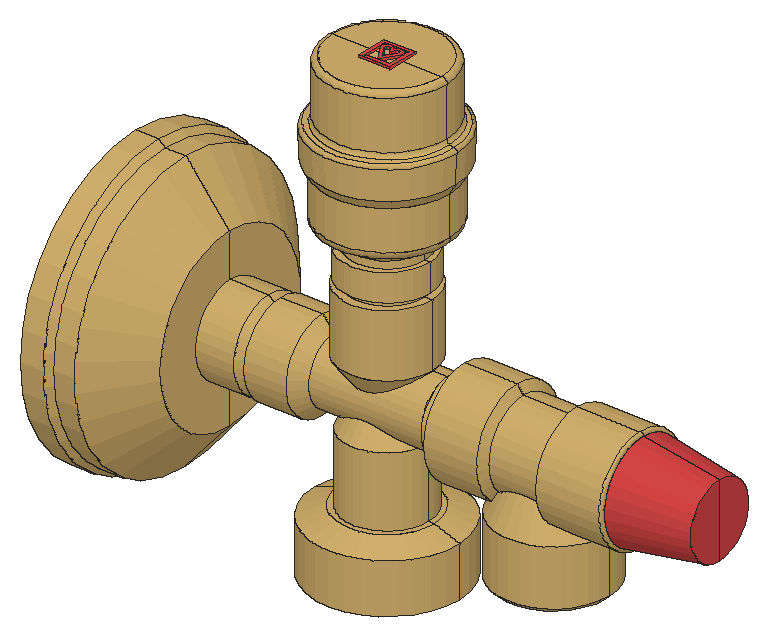
Revit family "Kesselgruppe 2104", category Rohrzubehör, Revit 2021
Family settings
  Bemaßung runder Anschluss = Durchmesser verwenden
  Teiletyp = Normal
  OmniClass-Nummer = 23.65.55.14
  OmniClass-Titel = Valves for Liquid Services
  Arbeitsebenenbasiert = Nein
  Immer vertikal = Ja
  Beim Laden mit Abzugskörper schneiden = Nein
  Gemeinsam genutzt = Nein
Parameters
  Öffnungsdruck = 300000.0 Pa  # constant formula
  max.Betriebstemperatur = 110 °C  # constant formula
  Wäremdämmung = "EPP"  # constant formula
  Vorgabe-Ansicht = 0.000 mm
  Verbindungsstück = "geschmiedetes Messing nach EN 12165; CW617N "  # constant formula
  URL = "www.herz-armaturen.at"
  Sicherheitsventil = "geschmiedetes Messing nach EN 12165; CW617N "  # constant formula
  SCRNSEQ = "AWI;AWI_TYP=\"1001\";2"
  SCRNCODE = "02;04;02"  # constant formula
  S08 = 17.700 mm  # constant formula
  S07 = 69.900 mm  # constant formula
  S06 = 42.700 mm  # constant formula
  S05 = 71.000 mm  # constant formula
  S04 = 32.000 mm  # constant formula
  S03 = 45.000 mm  # constant formula
  S02 = L18 + L19  # 95.300 mm
  S01 = 31.800 mm  # constant formula
  R25 = 10.400 mm  # constant formula
  R24 = 13.900 mm  # constant formula
  R23 = 10.400 mm  # constant formula
  R22 = 12.300 mm  # constant formula
  R21 = 14.800 mm  # constant formula
  R20 = 9.300 mm  # constant formula
  R19 = 16.000 mm  # constant formula
  R18 = Nennweite SV / 2  # 10.000 mm
  R17 = 20.800 mm  # constant formula
  R16 = 12.000 mm  # constant formula
  R15 [instance] = Nennweite Anschluss / 2  # 12.500 mm
  R14 = R04  # 10.650 mm
  R13 = 17.900 mm  # constant formula
  R12 = 17.100 mm  # constant formula
  R11 = 12.500 mm  # constant formula
  R10 = R04  # 10.650 mm
  R09 = 13.000 mm  # constant formula
  R08 = R04  # 10.650 mm
  R07 = 9.500 mm  # constant formula
  R06 = 9.300 mm  # constant formula
  R05 = 13.000 mm  # constant formula
  R04 = 21.300 mm / 2  # 10.650 mm
  R03 = 12.700 mm  # constant formula
  R02 = 39.900 mm  # constant formula
  R01 = 41.500 mm  # constant formula
  Nennweite SV = 20.000 mm  # constant formula
  Nennweite Anschluss [instance] = 25.000 mm  # constant formula
  Medium = "Heizungswasser nach ÖNORM H5195 oder VDI- Richtlinie 2035. Die Verwendung von Ethylen- oder Propyleneglykol in einem Mischungsverhältnis 25- 50% ist zulässig. EPDM-Dichtungen können durch Mineralöle und Schmiermittel beeinflusst werden, was zum Versagen der EPDM-Dichtungen führen kann. Bitte beachten Sie die Dokumentation des Herstellers, wenn Ethylenglykol-Produkte für den Frost- und Korrosionsschutz verwendet werden."
  Manometer = "0 bis 4 bar"  # constant formula
  L19 = 22.000 mm  # constant formula
  L18 = 73.300 mm  # constant formula
  L17 = 95.300 mm  # constant formula
  L16 = 21.400 mm  # constant formula
  L15 = 47.800 mm  # constant formula
  L14 = 31.500 mm  # constant formula
  L13 = 46.500 mm  # constant formula
  L12 = 29.500 mm  # constant formula
  L11 = 31.200 mm  # constant formula
  L10 = 86.000 mm  # constant formula
  L09 = 20.700 mm  # constant formula
  L08 = 37.200 mm  # constant formula
  L07 = 27.700 mm  # constant formula
  L06 = 34.400 mm  # constant formula
  L05 = 19.400 mm  # constant formula
  L04 = 30.600 mm  # constant formula
  L03 = 52.400 mm  # constant formula
  L02 = 27.000 mm  # constant formula
  L01 = 72.000 mm  # constant formula
  Hersteller = "Herz-Armaturen GmbH"  # constant formula
  Gewicht = 0.663  # constant formula
  Entlüfter = "geschmiedetes Messing nach EN 12165; CW617N "  # constant formula
  min.Betriebstemperatur = -10 °C  # constant formula
  Bestellnummer [instance] = if(Nennweite Anschluss = 25.000 mm, 1210415, 0)  # 1210415
Reference planes
  plane 1 "Mitte (Vorne/hinten)": y = 0
  plane 2: z = 0
  plane 3 "Mitte (Links/rechts)": x = 0
Forms (mm)
  Revolve 1, solid, material "Messing", detail levels fine
    sketch origin (0, 0, 0) x (1, 0, 0) y (0, 0, 1)
      loop
        line (-72, 41.5) -> (-72, 0) -> (-19.6, 0) -> (-19.6, 9.485) -> (-20.765, 10.65) -> (-31.58, 10.65) -> (-33.8, 12.7) -> (-45, 12.7) -> (-45, 25.131) -> (-57.8, 39.9) -> (-63.8, 39.9) -> (-65.4, 41.5) -> (-72, 41.5)
      axis (-72, 0) -> (-19.6, 0)
    angle from 0 to 360
  Revolve 2, solid, material "Messing", detail levels fine
    sketch origin (0, 0, 0) x (1, 0, 0) y (0, 0, 1)
      loop
        line (-30.6, 13) -> (-30.6, 10.465) -> (-29.435, 9.3) -> (-19.4, 9.3) -> (-19.4, 0) -> (34.4, 0) -> (34.4, 9.485) -> (33.235, 10.65) -> (18.4, 10.65) -> (17.42, 9.5) -> (-15.065, 9.5) -> (-18.565, 13) -> (-30.6, 13)
      axis (-30.6, 0) -> (34.4, 0)
    angle from 0 to 360
  Revolve 3, solid, material "Messing", detail levels fine
    sketch origin (0, 0, 0) x (1, 0, 0) y (0, 0, 1)
      loop
        line (0, 0) -> (-6, 0) -> (-12, -9.5) -> (-12, -29.5) -> (-13.65, -29.5) -> (-20.8, -32.25) -> (-20.8, -46.5) -> (-12.5, -46.5) -> (-12.5, -33.02) -> (0, -33.02) -> (0, 0)
      axis (0, 0) -> (0, -46.5)
    angle from 0 to 360
  Revolve 4, solid, material "Messing", detail levels fine
    sketch origin (0, 0, 0) x (1, 0, 0) y (0, 0, 1)
      loop
        line (0, 31.2) -> (0, 86) -> (-15.6, 86)
        arc (-15.6, 86) -> (-16.661, 85.561) -> (-17.1, 84.5) r 1.5
        line (-17.1, 84.5) -> (-17.1, 70.6)
        arc (-17.1, 70.6) -> (-17.278, 69.797) -> (-17.778, 69.145) r 1.899
        line (-17.778, 69.145) -> (-19.197, 68.844)
        arc (-19.197, 68.844) -> (-19.771, 68.418) -> (-19.974, 67.733) r 1.128
        line (-19.974, 67.733) -> (-19.7, 59.5) -> (-17.9, 56.7) -> (-17.9, 45.325)
        arc (-17.9, 45.325) -> (-17.131, 43.469) -> (-15.275, 42.7) r 2.625
        line (-15.275, 42.7) -> (-10.65, 39.2) -> (-10.65, 32.365) -> (-9.485, 31.2) -> (0, 31.2)
      axis (0, 86) -> (0, 31.2)
    angle from 0 to 360
  Revolve 5, solid, material "Messing", detail levels fine
    sketch origin (0, 0, 0) x (1, 0, 0) y (0, 0, 1)
      loop
        line (-12.5, 37.2) -> (-12.5, 29.435) -> (-10.65, 28.7) -> (-10.65, 21.865) -> (-9.485, 20.7) -> (0, 20.7) -> (0, 37.2) -> (-12.5, 37.2)
      axis (0, 37.2) -> (0, 20.7)
    angle from 0 to 360
  Revolve 6, solid, material "Messing", detail levels fine
    sketch origin (0, 0, 0) x (1, 0, 0) y (0, 0, 1)
      loop
        line (-13, 27.7) -> (-13, 9.525) -> (-6, 0) -> (0, 0) -> (0, 27.7) -> (-13, 27.7)
      axis (0, 27.7) -> (0, 0)
    angle from 0 to 360
  Revolve 7, solid, material "Messing", detail levels fine
    sketch origin (0, 0, 0) x (1, 0, 0) y (0, 0, 1)
      loop
        line (21.4, 9.3) -> (36.4, 9.3) -> (36.4, 0) -> (73.278, 0) -> (73.278, 13.893)
        arc (73.278, 13.893) -> (73.1, 14.525) -> (72.504, 14.8) r 0.784
        line (72.504, 14.8) -> (54.504, 14.8) -> (53.049, 12.3) -> (38.855, 12.3) -> (37.4, 14.8) -> (22.295, 14.8) -> (21.4, 13.25) -> (21.4, 9.3)
      axis (21.4, 0) -> (73.278, 0)
    angle from 0 to 360
  Revolve 8, solid, material "Messing", detail levels fine
    sketch origin (0, 0, 0) x (1, 0, 0) y (0, 0, 1)
      loop
        line (47.8, -18.34) -> (47.8, 0) -> (39.55, 0) -> (31.8, -14.5) -> (31.8, -30.5) -> (32.8, -31.5) -> (37.8, -31.5) -> (37.8, -18.34) -> (47.8, -18.34)
      axis (47.8, 0) -> (47.8, -31.5)
    angle from 0 to 360
  Revolve 9, solid, material "Kunststoff - Rot", detail levels fine
    sketch origin (0, 0, 0) x (1, 0, 0) y (0, 0, 1)
      loop
        line (95.278, 0) -> (95.278, 10.4) -> (73.3, 13.9) -> (73.3, 0) -> (95.278, 0)
      axis (73.3, 0) -> (95.278, 0)
    angle from 0 to 360
Lines and regions (mm)
  model lines
    curve 1: line (20.8, 0, -47.5) -> (-20.8, 0, -47.5)
    curve 11: line (95, 0, 10.596) -> (87.287, 0, -10.596)
    curve 12: line (87, 0, 10.596) -> (79.287, 0, -10.596)
    curve 13: line (79, 0, 10.596) -> (71.287, 0, -10.596)
    curve 14: line (71, 0, 10.596) -> (63.287, 0, -10.596)
    curve 15: circle (-45, 0, 0) r 27 normal (0, -1, 0)
    curve 18: line (0, 0, 60.6) -> (0, 0, 87.6)
    curve 24: line (0, -46.5, 0) -> (0, 24.8, 0)
  model lines, detail levels coarse+medium
    curve 2: line (0, 0, -47.5) -> (0, 0, 24.8)
    curve 3: line (-18, 0, 0) -> (21.4, 0, 0)
    curve 4: line (21.4, 0, 14.8) -> (21.4, 0, -14.8)
    curve 5: line (21.4, 0, -14.8) -> (47.8, 0, 0)
    curve 6: line (47.8, 0, 0) -> (21.4, 0, 14.8)
    curve 7: line (47.8, 0, 0) -> (31.8, 0, -31.5)
    curve 8: line (31.8, 0, -31.5) -> (63.8, 0, -31.5)
    curve 9: line (63.8, 0, -31.5) -> (47.8, 0, 0)
    curve 10: line (47.8, 0, 0) -> (95.3, 0, 0)
    curve 16: line (0, 0, 87.6) -> (-17.7, 0, 69.9)
    curve 17: circle (0, 0, 42.7) r 17.9 normal (0, -1, 0)
    curve 19: line (0, 0, 87.6) -> (17.7, 0, 69.9)
    curve 20: line (-60.91, 0, -15.91) -> (-29.09, 0, 15.91)
    curve 21: line (-29.09, 0, 15.91) -> (-29.09, 0, 5.91)
    curve 22: line (-29.09, 0, 15.91) -> (-39.09, 0, 15.91)
    curve 23: line (-20.8, -46.5, 0) -> (20.8, -46.5, 0)
    curve 25: circle (0, 42.7, 0) r 17.9 normal (0, 0, 1)
    curve 26: line (-0.022, 60.6, 0) -> (-0.022, 87.578, 0)
    curve 27: line (-0.022, 87.578, 0) -> (-17.7, 69.9, 0)
    curve 28: line (0.022, 87.578, 0) -> (17.7, 69.9, 0)
    curve 29: circle (-45, 0, 0) r 27 normal (0, 0, 1)
    curve 30: line (-60.91, -15.91, 0) -> (-29.09, 15.91, 0)
    curve 31: line (-29.09, 15.91, 0) -> (-29.09, 5.91, 0)
    curve 32: line (-29.09, 15.91, 0) -> (-39.09, 15.91, 0)
    curve 33: line (-18, 0, 0) -> (20.505, 0, 0)
    curve 34: line (21.4, 14.8, 0) -> (21.4, -14.8, 0)
    curve 35: line (21.4, -14.8, 0) -> (47.8, 0, 0)
    curve 36: line (47.8, 0, 0) -> (21.4, 14.8, 0)
    curve 37: line (47.8, 0, 0) -> (95.3, 0, 0)
    curve 38: line (71, 10.619, 0) -> (63.27, -10.619, 0)
    curve 39: line (79, 10.619, 0) -> (71.27, -10.619, 0)
    curve 40: line (87, 10.619, 0) -> (79.27, -10.619, 0)
    curve 41: line (95, 10.619, 0) -> (87.27, -10.619, 0)
    curve 42: line (47.8, 0, 0) -> (31.8, -31.5, 0)
    curve 43: line (31.8, -31.5, 0) -> (63.8, -31.5, 0)
    curve 44: line (63.8, -31.5, 0) -> (47.8, 0, 0)
Dimensions and locks
  "R01": Revolve 1 sketch curve to Revolve 1 sketch curve
  "L01": plane 3 "Mitte (Links/rechts)" to Revolve 1 sketch curve
  "L02": Revolve 1 sketch curve to Revolve 1 sketch curve
  "R02": Revolve 1 sketch curve to Revolve 1 sketch curve
  "R03": Revolve 1 sketch curve to Revolve 1 sketch curve
  "L03": Revolve 1 sketch curve to Revolve 1 sketch curve
  "R04": Revolve 1 sketch curve to Revolve 1 sketch curve
  "L04": plane 3 "Mitte (Links/rechts)" to Revolve 2 sketch curve
  "R05": Revolve 2 sketch curve to Revolve 2 sketch curve
  "R06": Revolve 2 sketch curve to Revolve 2 sketch curve
  "R07": Revolve 2 sketch curve to Revolve 2 sketch curve
  "R08": Revolve 2 sketch curve to Revolve 2 sketch curve
  "L05": plane 3 "Mitte (Links/rechts)" to Revolve 2 sketch curve
  "L06": Revolve 2 sketch curve to plane 3 "Mitte (Links/rechts)"
  "R09": Revolve 6 sketch curve to Revolve 6 sketch curve
  "L07": Revolve 6 sketch curve to Revolve 6 sketch curve
  "L09": Revolve 5 sketch curve to Revolve 6
  "L08": Revolve 5 sketch curve to Revolve 6
  "R11": Revolve 5 sketch curve to Revolve 5 sketch curve
  "R10": Revolve 5 sketch curve to Revolve 5 sketch curve
  "R12": Revolve 4 sketch curve to Revolve 4 sketch curve
  "R13": Revolve 4 sketch curve to Revolve 4 sketch curve
  "R14": Revolve 4 sketch curve to Revolve 4 sketch curve
  "L11": Revolve 4 sketch curve to Revolve 6
  "L10": Revolve 4 sketch curve to Revolve 6
  "L13": Revolve 3 sketch curve to Revolve 3 sketch curve
  "L12": Revolve 3 sketch curve to Revolve 3 sketch curve
  "R16": Revolve 3 sketch curve to Revolve 3 sketch curve
  "R17": Revolve 3 sketch curve to Revolve 3 sketch curve
  "R15": Revolve 3 sketch curve to Revolve 3 sketch curve
  "R19": Revolve 8 sketch curve to Revolve 8 sketch curve
  "R18": Revolve 8 sketch curve to Revolve 8 sketch curve
  "L14": Revolve 8 sketch curve to Revolve 8 sketch curve
  "L15": Revolve 8 sketch curve to plane 3 "Mitte (Links/rechts)"
  "L16": Revolve 7 sketch curve to plane 3 "Mitte (Links/rechts)"
  "R20": Revolve 7 sketch curve to Revolve 7 sketch curve
  "R21": Revolve 7 sketch curve to Revolve 7 sketch curve  (x2)
  "R22": Revolve 7 sketch curve to Revolve 7 sketch curve
  "R25": Revolve 9 sketch curve to Revolve 9 sketch curve
  "R24": Revolve 9 sketch curve to Revolve 9 sketch curve
  "L19": Revolve 9 sketch curve to Revolve 7
  "L18": plane 3 "Mitte (Links/rechts)" to Revolve 9 sketch curve
  "R17": curve 1 to plane 3 "Mitte (Links/rechts)" to curve 1
  "L13": plane 2 to Revolve 3
  "S06": curve 17 to plane 2
  "S07": curve 16 to plane 2
  "S07": curve 19 to plane 2
  "S08": curve 19 to plane 3 "Mitte (Links/rechts)"
  "S08": plane 3 "Mitte (Links/rechts)" to curve 16
  "S03": plane 3 "Mitte (Links/rechts)" to curve 15
  "L16": curve 4 to plane 3 "Mitte (Links/rechts)"
  "R21": curve 6 to plane 2 to curve 5
  "L15": curve 10 to plane 3 "Mitte (Links/rechts)"
  "L14": plane 2 to curve 8
  "S01": curve 8 to plane 3 "Mitte (Links/rechts)"
  "S04": curve 8 to curve 9
  "S02": curve 10 to plane 3 "Mitte (Links/rechts)"
  equal spacing: curve 14, plane 2, curve 14
  equal spacing: curve 13, plane 2, curve 13
  equal spacing: curve 12, plane 2, curve 12
  equal spacing: curve 11, plane 2, curve 11
  curve 11 to curve 12 = 8.000 mm
  curve 12 to curve 13 = 8.000 mm
  curve 13 to curve 14 = 8.000 mm
  "S05": curve 14 to plane 3 "Mitte (Links/rechts)"
  "S07": plane 1 "Mitte (Vorne/hinten)" to curve 27
  "S08": curve 27 to plane 3 "Mitte (Links/rechts)"
  "S08": plane 3 "Mitte (Links/rechts)" to curve 28
  "S07": plane 1 "Mitte (Vorne/hinten)" to curve 28
  "S06": plane 1 "Mitte (Vorne/hinten)" to curve 25
  "R17": curve 23 to plane 3 "Mitte (Links/rechts)" to curve 23
  "L13": curve 23 to plane 1 "Mitte (Vorne/hinten)"
  "S03": curve 29 to plane 3 "Mitte (Links/rechts)"
  "L16": plane 3 "Mitte (Links/rechts)" to curve 34
  "R21": plane 1 "Mitte (Vorne/hinten)" to curve 36
  "R21": curve 35 to plane 1 "Mitte (Vorne/hinten)"
  "L15": plane 3 "Mitte (Links/rechts)" to curve 36
  "S02": plane 3 "Mitte (Links/rechts)" to curve 37
  equal spacing: curve 38, plane 1 "Mitte (Vorne/hinten)", curve 38
  "S05": plane 3 "Mitte (Links/rechts)" to curve 38
  equal spacing: curve 39, plane 1 "Mitte (Vorne/hinten)", curve 39
  curve 38 to curve 39 = 8.000 mm
  equal spacing: curve 40, plane 1 "Mitte (Vorne/hinten)", curve 40
  curve 40 to curve 39 = 8.000 mm
  curve 41 to curve 40 = 8.000 mm
  equal spacing: curve 41, plane 1 "Mitte (Vorne/hinten)", curve 41
  "L14": curve 43 to plane 1 "Mitte (Vorne/hinten)"
  "S01": plane 3 "Mitte (Links/rechts)" to curve 43
  "S04": curve 43 to curve 44
  "R13": radius of curve 17
  "L02": radius of curve 15
  "R13": radius of curve 25
  "L02": radius of curve 29
  angle curve 16 to curve 18 = 45.00°
  angle plane 3 "Mitte (Links/rechts)" to curve 19 = 45.00°
  angle curve 20 to curve 21 = 45.00°
  angle plane 2 to curve 11 = 70.00°
  angle plane 2 to curve 12 = 70.00°
  angle plane 2 to curve 13 = 70.00°
  angle plane 2 to curve 14 = 70.00°
  angle curve 27 to curve 26 = 45.0005°
  angle curve 26 to curve 28 = 45.0005°
  angle curve 30 to curve 31 = 45.00°
  angle plane 1 "Mitte (Vorne/hinten)" to curve 38 = 70.00°
  angle plane 1 "Mitte (Vorne/hinten)" to curve 39 = 70.00°
  angle plane 1 "Mitte (Vorne/hinten)" to curve 40 = 70.00°
  angle plane 1 "Mitte (Vorne/hinten)" to curve 41 = 70.00°
  aligned and locked: level to plane 2
Automatic sketch dimensions
  curve 17 to plane 3 "Mitte (Links/rechts)" = 0.000 mm
  curve 2 to plane 3 "Mitte (Links/rechts)" = 0.000 mm
  curve 7 to level = 0.000 mm
  curve 15 to level = 0.000 mm
  curve 3 to level = 0.000 mm
  curve 20 to curve 3 = 11.090 mm
  level to curve 22 = 15.910 mm
  curve 22 to curve 20 = 10.000 mm
  curve 1 to curve 7 = 16.000 mm
  curve 24 to plane 3 "Mitte (Links/rechts)" = 0.000 mm
  plane 1 "Mitte (Vorne/hinten)" to curve 33 = 0.000 mm
  plane 1 "Mitte (Vorne/hinten)" to curve 42 = 0.000 mm
  plane 1 "Mitte (Vorne/hinten)" to curve 29 = 0.000 mm
  curve 30 to curve 33 = 11.090 mm
  curve 25 to plane 3 "Mitte (Links/rechts)" = 0.000 mm
  curve 32 to plane 1 "Mitte (Vorne/hinten)" = 15.910 mm
  curve 32 to curve 30 = 10.000 mm
  curve 33 to curve 34 = 0.895 mm
  Revolve 1 sketch curve to level = 0.000 mm  (x2)
  Revolve 1 sketch curve to Revolve 1 sketch curve = 6.600 mm
  Revolve 1 sketch curve to Revolve 1 sketch curve = 1.600 mm
  Revolve 1 sketch curve to Revolve 1 sketch curve = 6.000 mm
  Revolve 1 sketch curve to Revolve 1 sketch curve = 11.200 mm
  Revolve 1 sketch curve to Revolve 1 sketch curve = 2.220 mm
  Revolve 1 sketch curve to Revolve 1 sketch curve = 1.165 mm  (x2)
  Revolve 1 sketch curve to Revolve 1 sketch curve = 12.431 mm
  Revolve 1 sketch curve to Revolve 1 sketch curve = 1279.990 mm
  plane 3 "Mitte (Links/rechts)" to Revolve 1 sketch curve = 1898.983 mm
  Revolve 2 sketch curve to level = 0.000 mm  (x2)
  Revolve 2 sketch curve to Revolve 2 sketch curve = 1.165 mm  (x4)
  Revolve 2 sketch curve to Revolve 2 sketch curve = 0.835 mm
  Revolve 2 sketch curve to Revolve 2 sketch curve = 4.335 mm
  Revolve 2 sketch curve to Revolve 2 sketch curve = 16.980 mm
  Revolve 2 sketch curve to Revolve 2 sketch curve = 0.980 mm
  Revolve 2 sketch curve to Revolve 2 sketch curve = 1321.410 mm
  Revolve 2 sketch curve to Revolve 2 sketch curve = 1864.563 mm
  Revolve 3 sketch curve to level = 0.000 mm
  Revolve 3 sketch curve to plane 3 "Mitte (Links/rechts)" = 0.000 mm  (x2)
  Revolve 3 sketch curve to Revolve 3 sketch curve = 1.650 mm
  Revolve 3 sketch curve to Revolve 3 sketch curve = 6.000 mm
  Revolve 3 sketch curve to Revolve 3 sketch curve = 3.520 mm
  Revolve 3 sketch curve to Revolve 3 sketch curve = 2.750 mm
  Revolve 3 sketch curve to level = 9.500 mm
  Revolve 3 sketch curve to Revolve 3 sketch curve = 319.545 mm
  level to Revolve 3 sketch curve = 2214.315 mm
  Revolve 4 sketch curve to plane 3 "Mitte (Links/rechts)" = 0.000 mm  (x2)
  Revolve 4 sketch curve to Revolve 4 sketch curve = 1.747 mm
  Revolve 4 sketch curve to Revolve 4 sketch curve = 1.899 mm
  Revolve 4 sketch curve to Revolve 4 sketch curve = 0.350 mm
  Revolve 4 sketch curve to Revolve 4 sketch curve = 1.800 mm
  Revolve 4 sketch curve to Revolve 4 sketch curve = 1.128 mm
  Revolve 4 sketch curve to Revolve 4 sketch curve = 1.419 mm
  Revolve 4 sketch curve to Revolve 4 sketch curve = 1.500 mm
  Revolve 4 sketch curve to Revolve 4 sketch curve = 2.625 mm
  Revolve 4 sketch curve to Revolve 4 sketch curve = 1.165 mm  (x2)
  Revolve 4 sketch curve to Revolve 4 sketch curve = 6.835 mm
  Revolve 4 sketch curve to Revolve 4 sketch curve = 3.500 mm
  Revolve 4 sketch curve to Revolve 4 sketch curve = 11.375 mm
  Revolve 4 sketch curve to Revolve 4 sketch curve = 2.800 mm
  Revolve 4 sketch curve to Revolve 4 sketch curve = 8.233 mm
  Revolve 4 sketch curve to Revolve 4 sketch curve = 0.038 mm
  Revolve 4 sketch curve to Revolve 4 sketch curve = 0.302 mm
  Revolve 4 sketch curve to level = 366.045 mm
  Revolve 4 sketch curve to Revolve 4 sketch curve = 2128.315 mm
  Revolve 5 sketch curve to plane 3 "Mitte (Links/rechts)" = 0.000 mm  (x2)
  Revolve 5 sketch curve to Revolve 5 sketch curve = 1.165 mm  (x2)
  Revolve 5 sketch curve to Revolve 5 sketch curve = 6.835 mm
  Revolve 5 sketch curve to Revolve 5 sketch curve = 0.735 mm
  Revolve 5 sketch curve to level = 366.045 mm
  Revolve 5 sketch curve to Revolve 5 sketch curve = 2177.115 mm
  Revolve 6 sketch curve to level = 0.000 mm
  Revolve 6 sketch curve to plane 3 "Mitte (Links/rechts)" = 0.000 mm  (x2)
  Revolve 6 sketch curve to plane 3 "Mitte (Links/rechts)" = 6.000 mm
  level to Revolve 6 sketch curve = 9.525 mm
  Revolve 6 sketch curve to level = 366.045 mm
  Revolve 6 sketch curve to Revolve 6 sketch curve = 2186.615 mm
  Revolve 7 sketch curve to level = 0.000 mm  (x2)
  Revolve 7 sketch curve to Revolve 7 sketch curve = 0.895 mm
  Revolve 7 sketch curve to Revolve 7 sketch curve = 15.000 mm
  Revolve 7 sketch curve to Revolve 7 sketch curve = 1.000 mm
  Revolve 7 sketch curve to Revolve 7 sketch curve = 1.455 mm  (x2)
  Revolve 7 sketch curve to Revolve 7 sketch curve = 14.194 mm
  Revolve 7 sketch curve to Revolve 7 sketch curve = 18.000 mm
  Revolve 7 sketch curve to Revolve 7 sketch curve = 0.774 mm
  Revolve 7 sketch curve to Revolve 7 sketch curve = 1.550 mm
  Revolve 7 sketch curve to Revolve 7 sketch curve = 0.907 mm
  Revolve 7 sketch curve to plane 3 "Mitte (Links/rechts)" = 1351.990 mm
  Revolve 7 sketch curve to Revolve 7 sketch curve = 1825.705 mm
  Revolve 8 sketch curve to level = 0.000 mm  (x2)
  Revolve 8 sketch curve to Revolve 8 sketch curve = 0.000 mm  (x2)
  Revolve 8 sketch curve to Revolve 8 sketch curve = 8.250 mm
  Revolve 8 sketch curve to Revolve 8 sketch curve = 1.000 mm  (x2)
  Revolve 8 sketch curve to Revolve 8 sketch curve = 13.160 mm
  Revolve 8 sketch curve to Revolve 8 sketch curve = 3.840 mm
  Revolve 9 sketch curve to level = 0.000 mm  (x2)
  Revolve 9 sketch curve to plane 3 "Mitte (Links/rechts)" = 1351.990 mm
  Revolve 9 sketch curve to Revolve 9 sketch curve = 1803.683 mm
Nested families
  nested 1: "Herz-Logo" at (0, 0, 85), type "Herz-Logo", detail levels fine
Connectors
  piping at (0, 0, -33.02), diameter 25, driven by "Nennweite Anschluss"
    settings: on Revolve 3, index 1, connector inside diameter 609.6 mm, connector length 0.000 mm, flow factor 0, pipe flow 0.0 L/s, pressure drop 0.0 Pa, fitting loss kfactor 0, connector angle 0.00°, fixture units 0, engagement length 0.000 mm, angle of deflection 0.00°, flow configuration 0, flow direction 1, fitting loss method 0, system type 29, joint type 0, gender type 0, connector reference index -1, connector utility 0, adjustable connector no, is connector primary yes, connector description ""
  piping at (47.8, 0, -18.34), diameter 20, driven by "Nennweite SV"
    settings: on Revolve 8, index 2, connector inside diameter 609.6 mm, connector length 0.000 mm, flow factor 0, pipe flow 0.0 L/s, pressure drop 0.0 Pa, fitting loss kfactor 0, connector angle 0.00°, fixture units 0, engagement length 0.000 mm, angle of deflection 0.00°, flow configuration 0, flow direction 2, fitting loss method 0, system type 29, joint type 0, gender type 0, connector reference index -1, connector utility 0, adjustable connector no, is connector primary no, connector description ""
Definition of nested family "Herz-Logo"
  Parameters (values of type "Herz-Logo")
    Default Elevation = 0.000 mm
  Reference planes
    plane 1 "Mitte (Vorne/hinten)": y = 0
    plane 2: z = 0
    plane 3 "Mitte (Links/rechts)": x = 0
  Forms (mm)
    Extrusion 1, solid
      sketch origin (0, 0, 0) x (1, 0, 0) y (0, 1, 0)
        loop
          line (-0.018, -4.517) -> (4.482, -4.517) -> (4.482, 4.483) -> (-4.518, 4.483) -> (-4.518, -4.517) -> (-0.018, -4.517)
        loop
          line (-0.05, -3.48) -> (3.482, -3.48) -> (3.482, 3.483) -> (-3.518, 3.483) -> (-3.518, -3.48) -> (-0.05, -3.48)
        loop
          arc (-0.018, 2.383) -> (-1.543, 3.287) -> (-3.067, 2.383) r 1.738
          arc (-3.067, 2.383) -> (-3.191, 1.899) -> (-3.067, 1.415) r 1.009
          line (-3.067, 1.415) -> (-0.018, -3.281) -> (3.032, 1.415)
          arc (3.032, 1.415) -> (3.156, 1.899) -> (3.032, 2.383) r 1.009
          arc (3.032, 2.383) -> (1.507, 3.287) -> (-0.018, 2.383) r 1.738
        loop
          arc (1.885, 1.272) -> (2.005, 1.675) -> (1.885, 2.079) r 0.74
          arc (1.885, 2.079) -> (1.265, 2.416) -> (0.644, 2.079) r 0.74
          line (0.644, 2.079) -> (-0.018, 0.97) -> (-0.679, 2.079)
          arc (-0.679, 2.079) -> (-1.3, 2.416) -> (-1.921, 2.079) r 0.74
          arc (-1.921, 2.079) -> (-2.04, 1.675) -> (-1.921, 1.272) r 0.74
          line (-1.921, 1.272) -> (-0.018, -1.658) -> (1.885, 1.272)
      from 0 to 1.5
  Dimensions and locks
    aligned and locked: level to plane 2
